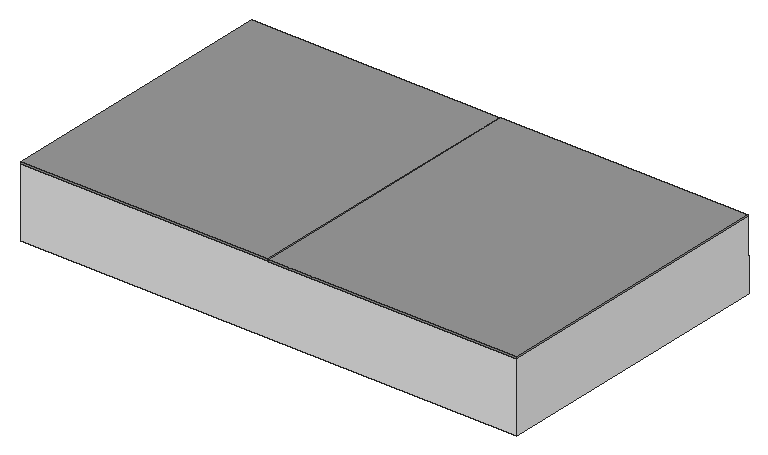
Revit family "UNB_Specchio_Multiproduct_BIM_IT_T3428;T3430;T3439;T3442;T3498;T3499", category Plumbing Fixtures, host Face, Revit 2017
Family settings
  Host = Face
  Round Connector Dimension = Use Diameter
  Part Type = Normal
  Cut with Voids When Loaded = No
  Shared = No
  Room Calculation Point = No
Parameters (values of type "T3499 - 1200 x 700 mirror cabinet")
  VersioneClassificazioneUni2015 = "IfcFurnitureType"
  Versione = "1"
  ValoreDellaSuperficie = "n/a"
  UnitàVolume = "litro"
  UnitàSuperficie = "millimetro"
  UnitàMonetaria = "€"
  UnitàLineare = "millimetro"
  UnitàDurataGaranzia = "anno"
  UnitàDurata = "anno"
  URL = "http://www.idealstandard.it"
  TipologiaVaso = "Altro"
  TipoEspotazioneIfc = "IfcFurnitureType"
  TipoDiDato = "Fisso"
  Telefono = "800 652 290"
  Spazio = "interno"
  Sostenibilità = "n/a"
  SingleUnitsOnly = no
  RiferimentoClassificazioneUni2015 = "MIRRORS"
  Riferimento = "T3499"
  Revisione = "1"
  ProfonditàNominale = 170 mm
  Produttore = "info@idealstandard.it"
  PesoNetto = "28.00 Kg"
  PesoLordo = "n/a"
  PartiDiRicambio = "http://www.idealstandard.it"
  NumeroDiModello = "T3499AL"
  NomeOggettoBim = "ISI_IdealStandard_Specchio_T3499"
  Nome = "ISI_IdealStandard_Specchio_T3499"
  ModelloDiRiferimento = "SPECCHIO CONT. MID 120X70 MATT AL 11W 23"
  Model = "T3499AL"
  Materiale = "bicchiere"
  Manufacturer = "info@idealstandard.it"
  LunghezzaNominale = 170 mm
  LarghezzaNominale = 1200 mm
  InstruzioniInstallazione = "http://www.idealstandard.it"
  InformazioniGaranzia = "info@idealstandard.it"
  InformazioniDiProdotto = "http://www.idealstandard.it"
  InformaziniGaranzia = "info@idealstandard.it"
  IfcEsportaCome = "BATHROOM FURNITURE"
  Grado = "n/a"
  GaranziaInstallazione = "n/a"
  Garanzia = "garanzia del produttore"
  Forma = "rettangolare"
  Finitura = "specchio"
  DurataGaranziaProdotti = "n/a"
  DurataGaranziaLegale = "n/a"
  DurataGaranzia = "n/a"
  DoubleUnitsOnly = not(SingleUnitsOnly)  # yes
  DistribuitoDa = "n/a"
  Dimensione = ""
  DescrizioneClassifcazioneUni2015 = "Bathroom furniture"
  Description = "SPECCHIO CONT. MID 120X70 MATT AL 11W 23"
  Default Elevation = 1500 mm
  Creato = "Ideal Standard"
  CostoDiSostituzione = 0
  Cost = 0
  Connessione = "piombatura"
  Componenti = "n/a"
  Colore = "specchio"
  CodiceRiferimento = "n/a"
  CodiceDiPrestazione = "EN"
  CodiceArticolo = "n/a"
  CodiceABarre = "8014140447856"
  CicloDiVitaDelProdotto = "n/a"
  Caratteristiche = "SPECCHIO CONT. MID 120X70 MATT AL 11W 23"
  Brand = "Ideal Standard"
  Autore = "Ideal Standard"
  AltezzaNominale = 700 mm
  Aiuto = "info@idealstandard.it"
  Accessori = "http://www.idealstandard.it"
  Accesso = "n/a"
Types (6, lengths in mm): name | SingleUnitsOnly | Riferimento | PesoNetto | NumeroDiModello | NomeOggettoBim | Nome | ModelloDiRiferimento | Model | LarghezzaNominale | DoubleUnitsOnly | Description | CodiceABarre | Caratteristiche
  T3428 - 500 x 700 mirror cabinets | yes | "T3428" | "16.00 Kg" | "T3428AL" | "ISI_IdealStandard_Specchio_T3428" | "ISI_IdealStandard_Specchio_T3428" | "SPECCHIO CONT. MID 50X70 MATT AL 4W 230W" | "T3428AL" | 500 | no | "SPECCHIO CONT. MID 50X70 MATT AL 4W 230W" | "8014140447757" | "SPECCHIO CONT. MID 50X70 MATT AL 4W 230W"
  T3430 - 600 x 700 mirror cabinet | yes | "T3430" | "18.00 Kg" | "T3430AL" | "ISI_IdealStandard_Specchio_T3430" | "ISI_IdealStandard_Specchio_T3430" | "SPECCHIO CONT. MID 60X70 MATT AL 5W 230W" | "T3430AL" | 600 | no | "SPECCHIO CONT. MID 60X70 MATT AL 5W 230W" | "8014140447771" | "SPECCHIO CONT. MID 60X70 MATT AL 5W 230W"
  T3439 - 700 x 700 mirror cabinet | no | "T3439" | "20.00 Kg" | "T3439AL" | "ISI_IdealStandard_Specchio_T3439" | "ISI_IdealStandard_Specchio_T3439" | "SPECCHIO CONT. MID 70X70 MATT AL 6,3W 23" | "T3439AL" | 700 | yes | "SPECCHIO CONT. MID 70X70 MATT AL 6,3W 23" | "8014140447795" | "SPECCHIO CONT. MID 70X70 MATT AL 6,3W 23"
  T3442 - 800 x 700 mirror cabinet | no | "T3442" | "22.00 Kg" | "T3442AL" | "ISI_IdealStandard_Specchio_T3442" | "ISI_IdealStandard_Specchio_T3442" | "SPECCHIO CONT. MID 80X70 MATT AL 7W 230W" | "T3442AL" | 800 | yes | "SPECCHIO CONT. MID 80X70 MATT AL 7W 230W" | "8014140447818" | "SPECCHIO CONT. MID 80X70 MATT AL 7W 230W"
  T3498 - 1000 x 700 mirror cabinet | no | "T3498" | "26.00 Kg" | "T3498AL" | "ISI_IdealStandard_Specchio_T3498" | "ISI_IdealStandard_Specchio_T3498" | "SPECCHIO CONT. MID 100X70 MATT AL 9W 230" | "T3498AL" | 1000 | yes | "SPECCHIO CONT. MID 100X70 MATT AL 9W 230" | "8014140447832" | "SPECCHIO CONT. MID 100X70 MATT AL 9W 230"
  T3499 - 1200 x 700 mirror cabinet | no | "T3499" | "28.00 Kg" | "T3499AL" | "ISI_IdealStandard_Specchio_T3499" | "ISI_IdealStandard_Specchio_T3499" | "SPECCHIO CONT. MID 120X70 MATT AL 11W 23" | "T3499AL" | 1200 | yes | "SPECCHIO CONT. MID 120X70 MATT AL 11W 23" | "8014140447856" | "SPECCHIO CONT. MID 120X70 MATT AL 11W 23"
Reference planes
  plane 1 "Center (Front/Back)": y = 0
  plane 2: z = 0
  plane 3 "Center (Left/Right)": x = 0
  plane 4: x = -600
  plane 5: x = 600
  plane 6: y = 350
  plane 7: y = -350
  plane 8: x = -1.5
  plane 9: x = 1.5
  plane 10: z = 166
  plane 11: z = 170
Forms (mm)
  Extrusion 1, solid, material "ISI_IdealStandard_Cabinet_WhiteLaminate_Render"
    sketch origin (0, 20.991, -18) x (0, 1, 0) y (-1, 0, 0)
      loop
        line (329.009, 600) -> (-370.991, 600) -> (-370.991, -600) -> (329.009, -600) -> (329.009, 600)
    from 18 to 184
  Extrusion 2, solid, material "ISI_IdealStandard_Mirror_MirrorGlazing_Render", visible <- "SingleUnitsOnly"
    sketch origin (-1524, -4572, 166) x (-1, 0, 0) y (0, -1, 0)
      loop
        line (-924, -4922) -> (-924, -4222) -> (-2124, -4222) -> (-2124, -4922) -> (-924, -4922)
    from 0 to 4
  Extrusion 3, solid, material "ISI_IdealStandard_Mirror_MirrorGlazing_Render", visible <- "DoubleUnitsOnly"
    sketch origin (-1524, -4572, 166) x (-1, 0, 0) y (0, -1, 0)
      loop
        line (-924, -4922) -> (-924, -4222) -> (-1522.5, -4222) -> (-1522.5, -4922) -> (-924, -4922)
      loop
        line (-1525.5, -4922) -> (-1525.5, -4222) -> (-2124, -4222) -> (-2124, -4922) -> (-1525.5, -4922)
    from 0 to 4
Dimensions and locks
  equal spacing: plane 4, plane 3 "Center (Left/Right)", plane 5
  "LarghezzaNominale": plane 4 to plane 5
  plane 6 to plane 1 "Center (Front/Back)" to plane 7 = 350 mm, 350 mm
  "AltezzaNominale": plane 6 to plane 7
  locked: plane 8 to plane 9 at 3
  equal spacing: plane 8, plane 3 "Center (Left/Right)", plane 9
  locked: plane 11 to plane 10 at 4
  "ProfonditàNominale": plane 11 to plane 2
  aligned and locked: plane 2 to host face
  aligned and locked: level to host face
  aligned and locked: Extrusion 2 sketch curve to plane 6
  aligned and locked: plane 4 to Extrusion 2 sketch curve
  aligned and locked: plane 7 to Extrusion 2 sketch curve
  aligned and locked: Extrusion 2 sketch curve to plane 5
  aligned and locked: plane 5 to Extrusion 1
  aligned and locked: plane 6 to Extrusion 1
  aligned and locked: Extrusion 1 to plane 4
  aligned and locked: Extrusion 1 to plane 7
  aligned and locked: Extrusion 3 sketch curve to Extrusion 1  (x4)
  aligned and locked: plane 7 to Extrusion 3 sketch curve
  aligned and locked: Extrusion 3 sketch curve to plane 8
  aligned and locked: Extrusion 3 sketch curve to plane 6
  aligned and locked: Extrusion 3 sketch curve to plane 9
  aligned and locked: plane 10 to Extrusion 1
  aligned and locked: plane 11 to Extrusion 3
Automatic sketch dimensions
  host sketch curve to host sketch curve = 2438.4 mm  (x2)
  Extrusion 1 sketch curve to plane 4 = 0 mm
  Extrusion 1 sketch curve to plane 7 = 0 mm
  Extrusion 1 sketch curve to plane 6 = 0 mm
  Extrusion 1 sketch curve to plane 5 = 0 mm
